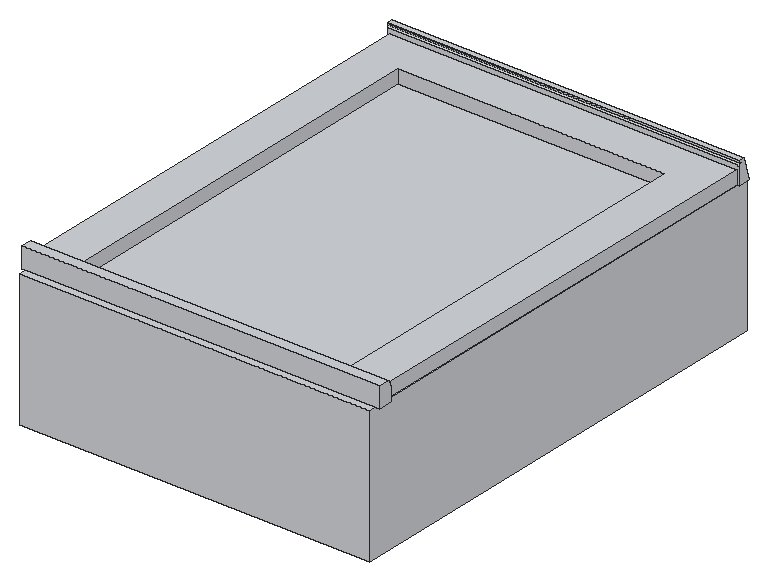
Revit family "M_Moldura-janela-exterior-plana-tampa de gotejamento decorativa_Cabo Cod", category Modelos genéricos, Revit 2019
Family settings
  Hospedeiro = Face
  Pode hospedar o vergalhão = Não
  Cota do conector redondo = Utilizar diâmetro
  Tipo de parte = Normal
  Corte com vazios quando carregada = Não
  Compartilhado = Sim
  Ponto de cálculo do ambiente = Não
Parameters (values of type "Padrão")
  Largura da apara = 90 mm
  Espessura da apara = 30 mm
  Material da apara [instance] = none
  Espessura do peitoril = 30 mm
  Largura da abertura [instance] = 600 mm
  Altura da abertura [instance] = 900 mm
  Elevação-padrão = 1200 mm
  Espessura da cobertura de gotejamento decorativa = 25 mm
  Profundidade da cobertura de gotejamento decorativa = Espessura da apara + 20 mm  # 50 mm
Reference planes
  plane 1 "Centro (Frente/Trás)": y = 0
  plane 2: z = 0
  plane 3 "Centro (Esquerda/Direita)": x = 0
  plane 4: y = 90
  plane 5 "Esquerda": x = -300
  plane 6 "Direita": x = 300
  plane 7 "Inferior": y = -900
  plane 8: x = 390
  plane 9 "1": x = -390
  plane 10: z = 30
  plane 11: x = 402.7
  plane 12: x = -402.7
  plane 13: y = -930
  plane 14: z = 12.7
  plane 15: y = -450
  plane 16: y = 115
  plane 17: z = 45.875
  plane 18: x = -396.35
  plane 19: x = 396.35
  plane 20: z = 50
  plane 21: y = 102.5
  plane 22: z = 40
  plane 23: z = 46.667
  plane 24: z = 43.333
Forms (mm)
  Extrusion 1, solid
    sketch origin (0, 0, 0) x (1, 0, 0) y (0, 1, 0)
      loop
        line (-393.7, 112.712) -> (-393.7, -946.15) -> (393.7, -946.15) -> (393.7, 112.712) -> (-393.7, 112.712)
    from 0 to -304.8
  Extrusion 2, solid, material <- "Material da apara"
    sketch origin (0, 0, 0) x (1, 0, 0) y (0, 1, 0)
      loop
        line (-390, -900) -> (-300, -900) -> (-300, 0) -> (300, 0) -> (300, -900) -> (390, -900) -> (390, 90) -> (-390, 90) -> (-390, -900)
    from 0 to 30
  Extrusion 3, solid, material <- "Material da apara"
    sketch origin (0, 0, 0) x (0, 1, 0) y (0, 0, 1)
      loop
        line (-900, 0) -> (-900, 30) -> (-905.778, 45.875) -> (-930, 45.875) -> (-930, 0) -> (-900, 0)
    from -402.7 to 402.7
  Extrusion 4, solid, material <- "Material da apara"
    sketch origin (-390, 0, 0) x (0, -1, 0) y (0, 0, 1)
      loop
        line (-115, 0) -> (-90, 0) -> (-90, 40.158)
        arc (-90, 40.158) -> (-93.175, 43.333) -> (-90, 46.508) r 3.175
        line (-90, 46.508) -> (-90, 50) -> (-102.5, 50) -> (-115, 0)
    from -786.35 to 6.35
Dimensions and locks
  equal spacing: plane 5 "Esquerda", plane 3 "Centro (Esquerda/Direita)", plane 6 "Direita"
  "Largura da abertura": plane 5 "Esquerda" to plane 6 "Direita"
  "Altura da abertura": plane 7 "Inferior" to plane 1 "Centro (Frente/Trás)"
  "Largura da apara": plane 9 "1" to plane 5 "Esquerda"
  "Largura da apara": plane 6 "Direita" to plane 8
  "Largura da apara": plane 1 "Centro (Frente/Trás)" to plane 4
  plane 12 to plane 9 "1" = 12.7 mm
  locked: plane 8 to plane 11 at 12.7
  locked: plane 14 to plane 2 at 12.7
  equal spacing: plane 7 "Inferior", plane 15, plane 1 "Centro (Frente/Trás)"
  "Espessura da apara": plane 10 to plane 2
  "Espessura do peitoril": plane 7 "Inferior" to plane 13
  "Espessura da cobertura de gotejamento decorativa": plane 16 to plane 4
  locked: plane 17 to plane 10 at 15.875
  locked: plane 18 to plane 9 "1" at 6.35
  locked: plane 8 to plane 19 at 6.35
  equal spacing: plane 16, plane 21, plane 4
  equal spacing: plane 20, plane 22, plane 10
  equal spacing: plane 20, plane 23, plane 24, plane 22
  "Profundidade da cobertura de gotejamento decorativa": plane 20 to plane 2
  radius of Extrusion 4 sketch curve = 3.175 mm
  locked: Extrusion 3 sketch curve to plane 7 "Inferior" (angle 20.00°)
  aligned and locked: plane 2 to Extrusion 1
  aligned and locked: level to Extrusion 1
  aligned and locked: Extrusion 2 sketch curve to plane 5 "Esquerda"
  aligned and locked: Extrusion 2 sketch curve to plane 9 "1"
  aligned and locked: plane 7 "Inferior" to Extrusion 2 sketch curve  (x2)
  aligned and locked: plane 1 "Centro (Frente/Trás)" to Extrusion 2 sketch curve
  aligned and locked: plane 8 to Extrusion 2 sketch curve
  aligned and locked: Extrusion 2 sketch curve to plane 6 "Direita"
  aligned and locked: plane 10 to Extrusion 2
  aligned and locked: Extrusion 3 sketch curve to level
  aligned and locked: plane 7 "Inferior" to Extrusion 3 sketch curve
  aligned and locked: plane 12 to Extrusion 3
  aligned and locked: Extrusion 3 to plane 11
  aligned and locked: Extrusion 2 sketch curve to plane 4
  aligned and locked: plane 17 to Extrusion 3 sketch curve
  aligned and locked: Extrusion 4 to plane 18
  aligned and locked: plane 19 to Extrusion 4
  aligned and locked: plane 2 to Extrusion 4 sketch curve  (x2)
  aligned and locked: plane 16 to Extrusion 4 sketch curve
  aligned and locked: plane 4 to Extrusion 4 sketch curve  (x3)
  aligned and locked: plane 21 to Extrusion 4 sketch curve
  aligned and locked: Extrusion 4 sketch curve to plane 20
  aligned and locked: plane 20 to Extrusion 4 sketch curve
  aligned and locked: plane 24 to Extrusion 4 sketch curve
Automatic sketch dimensions
  Extrusion 1 sketch curve to Extrusion 1 sketch curve = 787.4 mm
  Extrusion 1 sketch curve to Extrusion 1 sketch curve = 1058.862 mm
  Extrusion 3 sketch curve to plane 13 = 0 mm
  Extrusion 3 sketch curve to plane 10 = 0 mm
